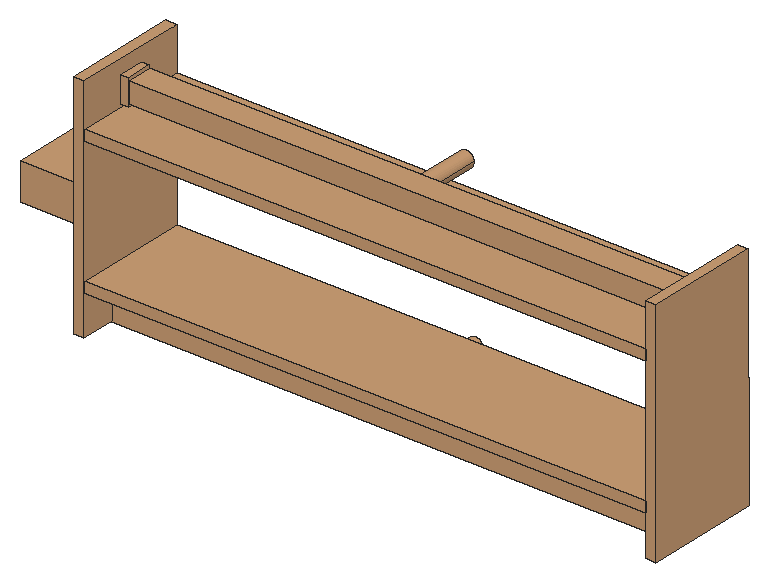
Revit family
Parameters
  Center Of Unit = 0' - 0"  # constant formula
  Water Pressure Drop [instance] = 0.00 psi
  Water Flow [instance] = 0 GPM
  Unit Weight (lbs) = 736
  URL = "http://www.ljwing.com/"
  Water Outlet Radius = 0' - 1 1/2"
  Water Outlet Odd sizes = 0' - 0"
  Total Heating Capacity [instance] = 0.0 Btu/h
  Temperature Rise [instance] = 0 °F
  Series = "VIFB"
  Outlet Area = 17.90 SF
  Number of Rows = 1  # constant formula
  Number of Coils [instance] = 0
  Nominal Length = 9' - 3 3/16"
  Model = "VA-10"
  Manufacturer = "LJ Wing"
  Leaving Water Temperature [instance] = 0 °F
  Leaving Air Temperature [instance] = 0 °F
  Face Velocity (FPM) [instance] = 0
  Entering Water Temperature [instance] = 0 °F
  Entering Air Temperature [instance] = 0 °F
  Description = "Vertical Integral Face & Bypass Water Heating Coils"
  Hot Water Odd Sizes = 0' - 0"
  Hot Water Inlet Offset = 0' - 4 3/8"  # constant formula
  Hot Water Inlet  Radius = 0' - 1 1/2"
  Coil Face Area = Outlet Area * 0.56  # 10.024 SF
  Casing Material = ""
  Assembly Code = "D3020300"
  Air Pressure Drop [instance] = 0.00 in-wg
  Air Inlet Width = Nominal Length - 0' 4"  # 8' - 11 3/16"
  Air Inlet Height = Y  # 2' - 0"
  Air Flow [instance] = 0 CFM
  Z = 0' - 2 1/8"
  Y = 2' - 0"
  S = 0' - 9 3/4"
  Product URL = "http://www.ljwing.com/html/vifb.asp"
  OmniClass = "23-75 70 21 14"
  Nominal Height = 3' - 8"
  Nominal Depth = 1' - 10"
  R = 0' - 10 1/4"
  Q = 0' - 4 19/32"
  P = 0' - 5 1/8"
  L = 0' - 5 15/16"
Reference planes (in)
  plane 1 "Center (Front/Back)": y = 0
  plane 2: z = -12
  plane 3 "Center (Left/Right)": x = 0
  plane 4: z = 22.25
  plane 5: x = -55.59375
  plane 6: x = 55.59375
  plane 7: z = -21.75
  plane 8: z = 0
  plane 9: y = -11
  plane 10: y = 11
  plane 11: z = 12
  plane 12: z = 14
  plane 13: z = -14
  plane 14: x = 53.59375
  plane 15: x = -53.59375
  plane 16: z = 17.125
  plane 17: z = -15.8125
  plane 18: x = -51
  plane 19: x = 51
  plane 20: y = 13.125
  plane 21: y = 15.375
  plane 22: x = -66.59375
  plane 23: x = 0
  plane 24: x = 0
  plane 25: z = 19.125
  plane 26: z = 15.125
  plane 27: y = -2.5
  plane 28: y = 2.5
  plane 29: y = -4.5
Forms (in)
  Extrusion 1, solid, material "Painted Finish"
    sketch origin (0, 6, -9.75) x (1, 0, 0) y (0, 0, 1)
      loop
        line (-55.59375, -12) -> (-53.59375, -12) -> (-53.59375, 32) -> (-55.59375, 32) -> (-55.59375, -12)
      loop
        line (55.59375, -12) -> (55.59375, 32) -> (53.59375, 32) -> (53.59375, -12) -> (55.59375, -12)
    from -5 to 17
  Extrusion 2, solid, material "Painted Finish"
    sketch origin (0, 6, 0) x (1, 0, 0) y (0, 0, 1)
      loop
        line (53.59375, -12) -> (-53.59375, -12) -> (-53.59375, -14) -> (53.59375, -14) -> (53.59375, -12)
      loop
        line (53.59375, 12) -> (53.59375, 14) -> (-53.59375, 14) -> (-53.59375, 12) -> (53.59375, 12)
    from -5 to 17
  Extrusion 3, solid, material "Painted Finish"
    sketch origin (0, 10, -0.5) x (1, 0, 0) y (0, 0, 1)
      loop
        line (-55.59375, 4) -> (-66.59375, 4) -> (-66.59375, -3) -> (-55.59375, -3) -> (-55.59375, 4)
    from 0 to 20
  Extrusion 4, solid, material "Painted Finish"
    sketch origin (0, 6, 0) x (1, 0, 0) y (0, 0, 1)
      loop
        line (-51.96875, 19.125) -> (-51.96875, 15.125) -> (51.96875, 15.125) -> (51.96875, 19.125) -> (-51.96875, 19.125)
    from 3.5 to 8.5
  Extrusion 5, solid, material "Painted Finish"
    sketch origin (0, 0, 0) x (1, 0, 0) y (0, 0, 1)
      loop
        line (-51.96875, 14.625) -> (-51.96875, 19.625) -> (-53.59375, 19.625) -> (-53.59375, 14.625) -> (-51.96875, 14.625)
      loop
        line (53.59375, 14.625) -> (53.59375, 19.625) -> (51.96875, 19.625) -> (51.96875, 14.625) -> (53.59375, 14.625)
    from -2.5 to 2.5
  Extrusion 6, solid, material "Painted Finish"
    sketch origin (0, 23, 0) x (1, 0, 0) y (0, 0, 1)
      loop
        circle (0, 17.125) r 1.5
    from 9.875 to 20.5
  Extrusion 7, solid, material "Painted Finish"
    sketch origin (0, 6, 0) x (1, 0, 0) y (0, 0, 1)
      loop
        line (-53.59375, -14) -> (-53.59375, -21.75) -> (53.59375, -21.75) -> (53.59375, -14) -> (-53.59375, -14)
    from -5 to 10.5
  Extrusion 8, solid, material "Painted Finish"
    sketch origin (0, 23, 0) x (1, 0, 0) y (0, 0, 1)
      loop
        circle (0, -15.8125) r 1.5
    from 7.625 to 12
  Extrusion 9, void
    sketch origin (0, 0, 0) x (1, 0, 0) y (0, 0, 1)
      loop
        line (-53.59375, 12) -> (-53.59375, -12) -> (53.59375, -12) -> (53.59375, 12) -> (-53.59375, 12)
    from -11 to 11
Cuts and joins
  Extrusion 9 cuts Extrusion 1
  Extrusion 9 cuts Extrusion 2
Dimensions and locks (in)
  "Nominal Length": plane 6 to plane 5
  equal spacing: plane 6, plane 3 "Center (Left/Right)", plane 5
  "S": plane 2 to plane 7
  "Nominal Depth": plane 10 to plane 9
  equal spacing: plane 10, plane 1 "Center (Front/Back)", plane 9
  "Y": plane 11 to plane 2
  "R": plane 4 to plane 11
  locked: plane 12 to plane 11 at 2
  locked: plane 2 to plane 13 at 2
  "P": plane 4 to plane 16
  "L": plane 17 to plane 7
  "Q": plane 18 to plane 5
  "Q": plane 6 to plane 19
  "Z": plane 20 to plane 10
  "Hot Water Inlet Offset": plane 21 to plane 10
  locked: plane 5 to plane 22 at 11
  locked: Extrusion 3 sketch curve to Extrusion 3 sketch curve at 7
  locked: Extrusion 3 to Extrusion 3 at 20
  locked: plane 6 to plane 14 at 2
  locked: plane 15 to plane 5 at 2
  "Water Outlet Odd sizes": plane 23 to plane 3 "Center (Left/Right)"
  "Hot Water Odd Sizes": plane 3 "Center (Left/Right)" to plane 24
  equal spacing: plane 25, plane 16, plane 26
  locked: Extrusion 5 sketch curve to plane 25 at 0.5
  locked: plane 26 to Extrusion 5 sketch curve at 0.5
  locked: Extrusion 6 sketch curve to plane 16 at 0
  locked: Extrusion 6 sketch curve to plane 23 at 0
  locked: Extrusion 8 sketch curve to plane 17 at 0
  locked: Extrusion 8 sketch curve to plane 24 at 0
  locked: plane 25 to plane 26 at 4
  locked: plane 28 to plane 27 at 5
  equal spacing: plane 28, plane 1 "Center (Front/Back)", plane 27
  locked: plane 27 to plane 29 at 2
  plane 4 to plane 7 = 3' - 8"
  locked: Extrusion 5 sketch curve to Extrusion 1 at 1.625
  locked: Extrusion 5 sketch curve to Extrusion 5 sketch curve at 1.625
  locked: Extrusion 9 sketch curve to plane 11 at 0
  locked: Extrusion 9 sketch curve to plane 15 at 0
  locked: Extrusion 9 sketch curve to plane 14 at 0
  locked: Extrusion 9 sketch curve to plane 2 at 0
  equal spacing: plane 11, plane 8, plane 2
  "Water Outlet Radius": radius of Extrusion 6 sketch curve
  "Hot Water Inlet  Radius": radius of Extrusion 8 sketch curve
  aligned and locked: plane 9 to Extrusion 1
  aligned and locked: Extrusion 1 to plane 10
  aligned and locked: plane 15 to Extrusion 1
  aligned and locked: Extrusion 1 to plane 14
  aligned and locked: plane 9 to Extrusion 2
  aligned and locked: Extrusion 1 to plane 9
  aligned and locked: plane 10 to Extrusion 1  (x2)
  aligned and locked: Extrusion 2 to plane 10
  aligned and locked: plane 10 to Extrusion 2  (x2)
  aligned and locked: Extrusion 2 to plane 9  (x2)
  aligned and locked: plane 5 to Extrusion 3
  aligned and locked: Extrusion 5 sketch curve to plane 15
  aligned and locked: Extrusion 5 sketch curve to Extrusion 4
  aligned and locked: Extrusion 6 to plane 20
  aligned and locked: Extrusion 1 to Extrusion 7
  aligned and locked: plane 10 to Extrusion 8
  aligned and locked: Extrusion 8 to plane 21  (x2)
  aligned and locked: plane 27 to Extrusion 5
  aligned and locked: Extrusion 5 to Extrusion 4  (x2)
  aligned and locked: Extrusion 5 to plane 28
  aligned and locked: Extrusion 6 to Extrusion 4
  aligned and locked: plane 29 to Extrusion 7
  aligned and locked: Extrusion 8 to Extrusion 7
  aligned and locked: Extrusion 4 to Extrusion 5  (x2)
  aligned and locked: Extrusion 5 to Extrusion 1  (x2)
  aligned and locked: plane 2 to Extrusion 2
  aligned and locked: plane 6 to Extrusion 1 sketch curve
  aligned and locked: plane 14 to Extrusion 1 sketch curve
  aligned and locked: Extrusion 1 sketch curve to plane 15
  aligned and locked: Extrusion 1 sketch curve to plane 5
  aligned and locked: plane 7 to Extrusion 1 sketch curve  (x2)
  aligned and locked: Extrusion 1 sketch curve to plane 4  (x2)
  aligned and locked: Extrusion 2 sketch curve to plane 11
  aligned and locked: Extrusion 2 sketch curve to plane 12
  aligned and locked: Extrusion 2 sketch curve to plane 14  (x2)
  aligned and locked: Extrusion 2 sketch curve to plane 15  (x2)
  aligned and locked: Extrusion 2 sketch curve to plane 13
  aligned and locked: plane 2 to Extrusion 2 sketch curve
  aligned and locked: plane 13 to Extrusion 7 sketch curve
  aligned and locked: Extrusion 7 sketch curve to plane 7
  aligned and locked: Extrusion 7 sketch curve to plane 14
  aligned and locked: plane 15 to Extrusion 7 sketch curve
  aligned and locked: Extrusion 7 to plane 29
  aligned and locked: cut or joined group of Extrusion 1, Extrusion 9 to plane 10
Automatic sketch dimensions
  Extrusion 3 sketch curve to plane 22 = 0' - 0"
  Extrusion 3 sketch curve to plane 5 = 0' - 0"
  plane 8 to Extrusion 3 sketch curve = 0' - 3 1/2"
  Extrusion 4 sketch curve to plane 25 = 0' - 0"
  Extrusion 4 sketch curve to plane 26 = 0' - 0"
  Extrusion 4 sketch curve to plane 18 = 0' - 0 31/32"
  plane 19 to Extrusion 4 sketch curve = 0' - 0 31/32"
  plane 26 to Extrusion 5 sketch curve = 0' - 0 1/2"
  Extrusion 5 sketch curve to plane 25 = 0' - 0 1/2"
Connectors (in)
  hvac at (0, -11, 0), driven by "Air Inlet Height", driven by "Air Inlet Width", driven by "Air Flow", driven by "Air Pressure Drop"
    settings: on Extrusion 9, index 1
  hvac at (0, 11, 0), driven by "Air Pressure Drop", driven by "Air Inlet Height", driven by "Air Inlet Width", driven by "Air Flow"
    settings: on Extrusion 9, index 2
  piping at (0, 13.125, 17.125), driven by "Water Flow", driven by "Water Outlet Radius", driven by "Water Pressure Drop"
    settings: on Extrusion 6, index 3
  piping at (0, 15.375, -15.8125), driven by "Water Flow", driven by "Water Pressure Drop", driven by "Hot Water Inlet  Radius"
    settings: on Extrusion 8, index 4
